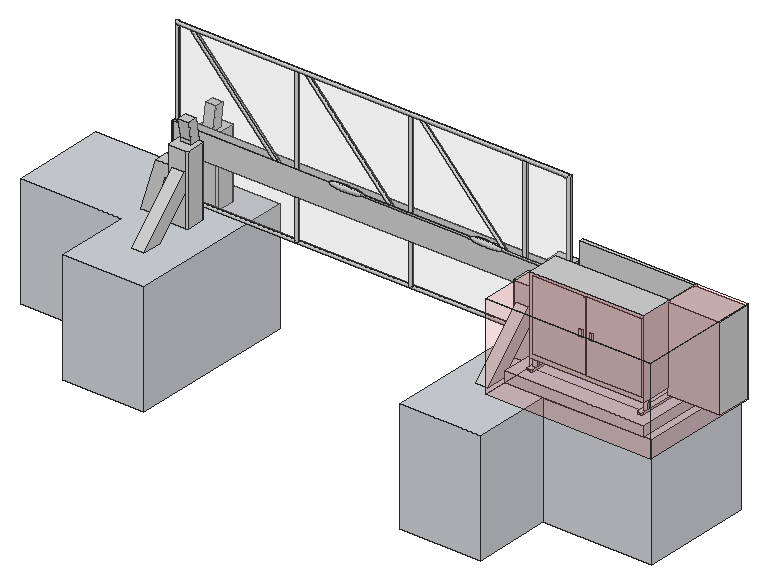
Revit family "Barrier_Gate-Assembly_AutoGate_Shield-M50-Gated", category Generic Models, Revit 2015
Parameters (values of type "as Specified")
  lightcontrol [instance] = Clear Opening Width / 2  # 8' - 0"
  gateclear [instance] = 1' - 6 13/16"  # constant formula
  addwidthB = 0' - 0"  # constant formula
  addwidthA = 0' - 0"  # constant formula
  Warranty Duration (Years) = 0
  Warning Light Color [instance] = none
  Unit Width [instance] = Clear Opening Width + 1' 8" + 1' 9"  # 19' - 5"
  Unit Height [instance] = 8' - 0"
  Unit Depth = 0' - 4"
  URL = "http://autogate.com/"
  Standards Conformance = "ASTM F2656 M50/P1  ;  DOS K12/L3"
  Specification = "http://www.arcat.com/sdspecs/htm04/32_31_00saf.htm"
  SpecWizard = ""
  Space Below Gate [instance] = 0' - 3"
  Show Default Concrete Foundation [instance] = yes
  Show Clearance Box for Operator Maintenance [instance] = yes
  Shield Arm Color [instance] = Metal - Aluminum - Finish as Specified
  Send Message = ""
  Sales Information = "http://autogate.com/about-us/contact/"
  Revision = "R1_2016-11"
  Product Properties = ""
  Product Data = "http://www.arcat.com/arcatcos/cos48/arc48891.html"
  Model = "The Shield M50 with Gate Design as Specified"
  Maximum Clear Opening [instance] = 15' - 0"  # constant formula
  Mass Interior Design Shape Visible [instance] = yes
  Manufacturer Website = "http://autogate.com/"
  Manufacturer Phone - Toll Free = "800-944-4283"
  Manufacturer Phone = "419-588-2796"
  Manufacturer Fax = "419-588-3514"
  Manufacturer Address = "7306 Driver Rd.  P. O. Box 50  Berlin Heights, OH 44814"
  Manufacturer = "AutoGate, Inc"
  Maintenance Schedule (Months) = 0
  Lift Travel Speed = "10 - 14 seconds"
  Keynote = "32 21 00"
  Installation-Fabrication = ""
  Installation Phase = ""
  Include Warning Lights [instance] = yes
  Has Battery Backup = no
  Hardware Finish [instance] = Metal - Aluminum - Finish as Specified
  Green Building-LEED = ""
  Frame Finish [instance] = Metal - Aluminum - Finish as Specified
  Expected Lifespan (Years) = 0
  Electrical_Voltage = 115 V
  Drawn By = "Sumex Design, Inc. / Robert S. Weygant, CSI, CDT, SCIP"
  Description = "AutoGate Anti-Ram M50 Vertical Pivot Gate - The Shield with Gate Design as Specified"
  Default Elevation = 0' - 0"
  Cover Finish [instance] = Metal - Aluminum - Finish as Specified
  Copyright = "©Arcat Inc."
  Construction Details = "http://www.arcat.com/details/autogate/autogate.html?coid=48891"
  Clearance Material [instance] = ARCAT Clearance
  Clear Opening Width [instance] = 16' - 0"
  Bottom Rail Height [instance] = 0' - 2"  # constant formula
  Barrier Open [instance] = not(Barrier Closed)  # no
  Barrier Interior Material [instance] = Metal - Linked Aluminum - Finish as Specified
  Barrier Design [instance] = Barrier_Gate_AutoGate_Chainlink : Size as Specified
  Barrier Closed [instance] = yes
  Available Options [instance] = "as Specified"
  Assembly Code = "E1030900"
Reference planes (in)
  plane 1 "Center (Front/Back)": y = 0
  plane 2 "Bottom": z = 0
  plane 3 "Center (Left/Right)": x = 0
  plane 4: x = -96
  plane 5: x = 96
  plane 6: z = 15
  plane 7: x = 114
  plane 8: z = 36
  plane 9: z = 228
  plane 10: z = 248
  plane 11: z = 131.5
Forms (in)
  Extrusion 1, solid, visible <- "Show Default Concrete Foundation"
    sketch origin (0, 0, 0) x (1, 0, 0) y (0, 1, 0)
      loop
        line (-186, 28) -> (-186, -28) -> (-126, -28) -> (-126, -72) -> (-78, -72) -> (-78, 28) -> (-186, 28)
      loop
        line (82.5, -84) -> (130.5, -84) -> (130.5, -38) -> (194.5, -38) -> (194.5, 28) -> (82.5, 28) -> (82.5, -84)
    from 0 to -66
  Extrusion 2, solid, visible <- "Show Default Concrete Foundation"
    sketch origin (0, 0, 0) x (1, 0, 0) y (0, 1, 0)
      loop
        line (108, 17) -> (108, -38) -> (190, -38) -> (190, 17) -> (108, 17)
    from 0 to 6
  Extrusion 3, solid, material "Metal - Aluminum - Finish as Specified" <- "Hardware Finish"
    sketch origin (0, 0, 0) x (1, 0, 0) y (0, 1, 0)
      loop
        arc (96, 6) -> (96.29289, 5.29289) -> (97, 5) r 1
        line (97, 5) -> (107, 5)
        arc (107, 5) -> (107.70711, 5.29289) -> (108, 6) r 1
        line (108, 6) -> (108, 16)
        arc (108, 16) -> (107.70711, 16.70711) -> (107, 17) r 1
        line (107, 17) -> (97, 17)
        arc (97, 17) -> (96.29289, 16.70711) -> (96, 16) r 1
        line (96, 16) -> (96, 6)
      loop
        line (96, -6) -> (96, -16)
        arc (96, -16) -> (96.29289, -16.70711) -> (97, -17) r 1
        line (97, -17) -> (107, -17)
        arc (107, -17) -> (107.70711, -16.70711) -> (108, -16) r 1
        line (108, -16) -> (108, -6)
        arc (108, -6) -> (107.70711, -5.29289) -> (107, -5) r 1
        line (107, -5) -> (97, -5)
        arc (97, -5) -> (96.29289, -5.29289) -> (96, -6) r 1
      loop
        line (-96, 6) -> (-96, 16)
        arc (-96, 16) -> (-96.29289, 16.70711) -> (-97, 17) r 1
        line (-97, 17) -> (-107, 17)
        arc (-107, 17) -> (-107.70711, 16.70711) -> (-108, 16) r 1
        line (-108, 16) -> (-108, 6)
        arc (-108, 6) -> (-107.70711, 5.29289) -> (-107, 5) r 1
        line (-107, 5) -> (-97, 5)
        arc (-97, 5) -> (-96.29289, 5.29289) -> (-96, 6) r 1
      loop
        arc (-96, -6) -> (-96.29289, -5.29289) -> (-97, -5) r 1
        line (-97, -5) -> (-107, -5)
        arc (-107, -5) -> (-107.70711, -5.29289) -> (-108, -6) r 1
        line (-108, -6) -> (-108, -16)
        arc (-108, -16) -> (-107.70711, -16.70711) -> (-107, -17) r 1
        line (-107, -17) -> (-97, -17)
        arc (-97, -17) -> (-96.29289, -16.70711) -> (-96, -16) r 1
        line (-96, -16) -> (-96, -6)
    from 0 to 40.75
  Extrusion 4, solid, material "Metal - Aluminum - Finish as Specified" <- "Hardware Finish"
    sketch origin (0, 0, 0) x (1, 0, 0) y (0, 0, 1)
      loop
        line (-116.1875, 29) -> (-125.10147, 0) -> (-116.41059, 0) -> (-110.89242, 21) -> (-108, 21) -> (-108, 29) -> (-116.1875, 29)
    from 15 to 7
  Extrusion 5, solid, material "Metal - Aluminum - Finish as Specified" <- "Hardware Finish"
    sketch origin (0, 0, 0) x (1, 0, 0) y (0, 0, 1)
      loop
        line (-108, 21) -> (-108, 29) -> (-116.1875, 29) -> (-125.10147, 0) -> (-116.41059, 0) -> (-110.89242, 21) -> (-108, 21)
    from -15 to -7
  Extrusion 6, solid, material "Metal - Aluminum - Finish as Specified" <- "Hardware Finish"
    sketch origin (96, -180, 63.31719) x (0, 0, 1) y (0, -1, 0)
      loop
        line (-33.56719, -163) -> (-63.31719, -133.25) -> (-63.31719, -144.56371) -> (-44.8809, -163) -> (-33.56719, -163)
    from 2 to 9
  Extrusion 7, solid, material "Metal - Aluminum - Finish as Specified" <- "Hardware Finish"
    sketch origin (-96, -180, 63.31719) x (0, 0, 1) y (0, -1, 0)
      loop
        line (-33.56719, -163) -> (-63.31719, -133.25) -> (-63.31719, -144.56371) -> (-44.8809, -163) -> (-33.56719, -163)
    from -9 to -2
  Extrusion 8, solid, material "Metal - Aluminum - Finish as Specified" <- "Shield Arm Color", visible <- "Barrier Closed"
    sketch origin (0, 0, 0) x (1, 0, 0) y (0, 0, 1)
      loop
        line (-116, 44) -> (-116, 29.5) -> (118, 29.5) -> (118, 44) -> (-116, 44)
    from 2.5574 to 2.77886
  Extrusion 9, solid, material "Metal - Aluminum - Finish as Specified" <- "Shield Arm Color", visible <- "Barrier Closed"
    sketch origin (0, 0, 0) x (1, 0, 0) y (0, 0, -1)
      loop
        line (-116, -44) -> (118, -44) -> (118, -29.5) -> (-116, -29.5) -> (-116, -44)
    from 2.5574 to 2.77886
  Extrusion 10, solid, material "Metal - Aluminum - Finish as Specified" <- "Shield Arm Color", visible <- "Barrier Open"
    sketch origin (127.5, 0, 141.5) x (0, 0, -1) y (1, 0, 0)
      loop
        line (-106.75, 27.5) -> (-106.75, 13) -> (105.5, 13) -> (105.5, 27.5) -> (-106.75, 27.5)
    from 2.5574 to 2.77886
  Extrusion 11, solid, material "Metal - Aluminum - Finish as Specified" <- "Shield Arm Color", visible <- "Barrier Open"
    sketch origin (127.5, 0, 141.5) x (0, 0, -1) y (-1, 0, 0)
      loop
        line (-106.75, -27.5) -> (105.5, -27.5) -> (105.5, -13) -> (-106.75, -13) -> (-106.75, -27.5)
    from 2.5574 to 2.77886
  Extrusion 12, solid, material "Metal - Aluminum - Finish as Specified" <- "Hardware Finish"
    sketch origin (0, 0, 0) x (1, 0, 0) y (0, 0, -1)
      loop
        line (108, -39.25) -> (134.47446, 0) -> (127.23715, 0) -> (108, -28.52025) -> (108, -39.25)
    from 16 to 13
  Extrusion 13, solid, material "Metal - Aluminum - Finish as Specified" <- "Shield Arm Color", visible <- "Barrier Closed"
    sketch origin (0, 0, 0) x (1, 0, 0) y (0, 0, 1)
      loop
        line (-117, 44) -> (-117, 29.5) -> (-116, 29.5) -> (-116, 44) -> (-117, 44)
    from -2.77886 to 2.77886
  Extrusion 14, solid, material "Metal - Aluminum - Finish as Specified" <- "Shield Arm Color", visible <- "Barrier Open"
    sketch origin (0, 0, 0) x (1, 0, 0) y (0, 0, 1)
      loop
        line (140.5, 248.25) -> (155, 248.25) -> (155, 249.25) -> (140.5, 249.25) -> (140.5, 248.25)
    from -2.77886 to 2.77886
  Extrusion 15, solid, material "Metal - Aluminum - Finish as Specified" <- "Hardware Finish"
    sketch origin (-96, -180, 63.31719) x (0, 0, 1) y (0, -1, 0)
      loop
        line (-22.56719, -175) -> (-9.81719, -172.75183) -> (-9.81719, -167.19265) -> (-20.06719, -169) -> (-22.56719, -169) -> (-22.56719, -175)
      loop
        line (-22.56719, -185) -> (-22.56719, -191) -> (-20.06719, -191) -> (-9.81719, -192.80735) -> (-9.81719, -187.24817) -> (-22.56719, -185)
    from -9 to -3
  Extrusion 16, solid, material "Metal - Aluminum - Finish as Specified" <- "Shield Arm Color"
    sketch origin (0, 0, 0) x (1, 0, 0) y (0, 0, 1)
      loop
        circle (-111.17371, 36) r 1.25
      loop
        circle (109.55866, 36) r 1.25
    from 7.5 to -7.5
Lines and regions (in)
  reference lines
    curve 1: line (114, 0, 15) -> (114, 0, 24.25)
Dimensions and locks (in)
  equal spacing: plane 5, plane 3 "Center (Left/Right)", plane 4
  "Clear Opening Width": plane 5 to plane 4
  locked: Extrusion 1 sketch curve to Extrusion 1 sketch curve at 108
  locked: Extrusion 1 sketch curve to plane 4 at 90
  locked: plane 5 to Extrusion 3 sketch curve at 12  (x2)
  Extrusion 3 sketch curve to Extrusion 3 sketch curve to plane 1 "Center (Front/Back)" to Extrusion 3 sketch curve to Extrusion 3 sketch curve = 1' - 0" locked, 0' - 5" locked, 0' - 5" locked, 1' - 0" locked  (x2)
  locked: Extrusion 3 sketch curve to plane 4 at 12  (x2)
  plane 7 to plane 5 = 1' - 6"
  locked: plane 6 to level at 15
  locked: plane 8 to plane 6 at 21
  "Clear Opening Width": plane 9 to plane 8
  Extrusion 1 sketch curve to Extrusion 1 sketch curve to plane 1 "Center (Front/Back)" to Extrusion 1 sketch curve = 3' - 8" locked, 2' - 4" locked, 2' - 4" locked
  Extrusion 1 sketch curve to Extrusion 1 sketch curve to plane 1 "Center (Front/Back)" to Extrusion 1 sketch curve = 3' - 10" locked, 3' - 2" locked, 2' - 4" locked
  Extrusion 1 sketch curve to plane 5 to Extrusion 1 sketch curve to Extrusion 1 sketch curve = 1' - 1 1/2" locked, 2' - 10 1/2" locked, 5' - 4" locked
  locked: Extrusion 1 sketch curve to plane 4 at 30
  plane 4 to Extrusion 5 sketch curve to Extrusion 5 sketch curve to Extrusion 5 sketch curve to Extrusion 5 sketch curve to Extrusion 5 sketch curve = 1' - 0" locked, 0' - 2.89242" locked, 0' - 5.29508" locked, 0' - 0.22309" locked, 0' - 8.69088" locked
  plane 4 to Extrusion 4 sketch curve to Extrusion 4 sketch curve to Extrusion 4 sketch curve to Extrusion 4 sketch curve to Extrusion 4 sketch curve = 1' - 0" locked, 0' - 2.89242" locked, 0' - 5.29508" locked, 0' - 0.22309" locked, 0' - 8.69088" locked
  plane 5 to Extrusion 2 sketch curve to Extrusion 2 sketch curve = 1' - 0" locked, 6' - 10" locked
  locked: plane 4 to Extrusion 8 sketch curve at 20
  locked: plane 4 to Extrusion 9 sketch curve at 20
  locked: Extrusion 8 sketch curve to plane 5 at 22
  locked: Extrusion 9 sketch curve to plane 5 at 22
  Extrusion 12 sketch curve to Extrusion 12 sketch curve to plane 2 "Bottom" = 0' - 10.72975" locked, 2' - 4.52025" locked
  Extrusion 12 sketch curve to Extrusion 12 sketch curve to Extrusion 12 sketch curve to plane 5 = 0' - 7.23731" locked, 1' - 7.23715" locked, 1' - 0" locked
  Extrusion 8 sketch curve to level = 2' - 5 1/2"
  locked: Extrusion 8 sketch curve to Extrusion 8 sketch curve at 14.5
  Extrusion 9 sketch curve to Extrusion 9 sketch curve to level = 1' - 2 1/2" locked, 2' - 5 1/2" locked
  Extrusion 7 sketch curve to Extrusion 7 sketch curve to plane 2 "Bottom" = 0' - 11.31371" locked, 1' - 6.43629" locked
  Extrusion 7 sketch curve to Extrusion 7 sketch curve to Extrusion 7 sketch curve to plane 1 "Center (Front/Back)" = 0' - 11.31371" locked, 1' - 6.43629" locked, 1' - 5" locked
  Extrusion 6 sketch curve to Extrusion 6 sketch curve to Extrusion 6 sketch curve to plane 1 "Center (Front/Back)" = 0' - 11.31371" locked, 1' - 6.43629" locked, 1' - 5" locked
  Extrusion 6 sketch curve to Extrusion 6 sketch curve to plane 2 "Bottom" = 0' - 11.31371" locked, 1' - 6.43629" locked
  locked: Extrusion 10 sketch curve to plane 9 at 20.25
  locked: Extrusion 11 sketch curve to plane 9 at 20.25
  plane 4 to Extrusion 13 sketch curve to Extrusion 13 sketch curve = 1' - 8" locked, 0' - 1" locked
  Extrusion 13 sketch curve to Extrusion 13 sketch curve to plane 2 "Bottom" = 1' - 2 1/2" locked, 2' - 5 1/2" locked
  Extrusion 14 sketch curve to Extrusion 14 sketch curve to nested 3 = 1' - 2 1/2" locked, 2' - 4 1/2" locked
  Extrusion 14 sketch curve to Extrusion 14 sketch curve to plane 9 = 0' - 1" locked, 1' - 8 1/4" locked
  Extrusion 10 sketch curve to Extrusion 10 sketch curve to plane 5 = 1' - 2 1/2" locked, 3' - 8 1/2" locked
  Extrusion 11 sketch curve to Extrusion 11 sketch curve to plane 5 = 1' - 2 1/2" locked, 3' - 8 1/2" locked
  locked: nested 3 to plane 5 at 16
  equal spacing: plane 10, plane 11, plane 6
  "Unit Width": plane 10 to plane 6
  aligned and locked: plane 5 to Extrusion 3 sketch curve
  aligned and locked: Extrusion 3 sketch curve to plane 5
  aligned and locked: plane 7 to curve 1
  aligned and locked: plane 6 to curve 1
  aligned and locked: plane 8 to Extrusion 10 sketch curve
  aligned and locked: Extrusion 11 sketch curve to plane 8
  aligned and locked: plane 5 to nested 1
  aligned and locked: plane 3 "Center (Left/Right)" to nested 2
  aligned and locked: nested 3 to plane 11
Automatic sketch dimensions
  curve 1 to curve 1 = 0' - 9 1/4"
  Extrusion 4 sketch curve to level = 0' - 0"
  plane 6 to Extrusion 4 sketch curve = 0' - 6"
  Extrusion 4 sketch curve to Extrusion 4 sketch curve = 0' - 8"
  Extrusion 5 sketch curve to level = 0' - 0"
  plane 6 to Extrusion 5 sketch curve = 0' - 6"
  Extrusion 5 sketch curve to Extrusion 5 sketch curve = 0' - 8"
  Extrusion 3 sketch curve to plane 4 = 0' - 0"  (x2)
  Extrusion 3 sketch curve to Extrusion 3 sketch curve = 0' - 1"  (x12)
  Extrusion 3 sketch curve to plane 4 = 0' - 1"  (x3)
  plane 5 to Extrusion 3 sketch curve = 0' - 1"
  plane 1 "Center (Front/Back)" to Extrusion 2 sketch curve = 3' - 2"
  Extrusion 2 sketch curve to plane 1 "Center (Front/Back)" = 1' - 5"
  Extrusion 12 sketch curve to level = 0' - 0"
  Extrusion 7 sketch curve to level = 0' - 0"
  Extrusion 6 sketch curve to level = 0' - 0"
  Extrusion 16 sketch curve to plane 8 = 0' - 0"  (x2)
  Extrusion 16 sketch curve to plane 4 = 1' - 3.17371"
  Extrusion 16 sketch curve to plane 7 = 0' - 4.44134"
  plane 8 to Extrusion 15 sketch curve = 0' - 4 3/4"  (x2)
  Extrusion 15 sketch curve to Extrusion 15 sketch curve = 0' - 2 1/2"  (x2)
  Extrusion 15 sketch curve to Extrusion 15 sketch curve = 0' - 10 1/4"  (x2)
  Extrusion 15 sketch curve to plane 1 "Center (Front/Back)" = 1' - 0.80735"
  Extrusion 15 sketch curve to Extrusion 15 sketch curve = 0' - 1.80735"  (x2)
  Extrusion 15 sketch curve to Extrusion 15 sketch curve = 0' - 6"  (x2)
  Extrusion 15 sketch curve to Extrusion 15 sketch curve = 0' - 5.55918"  (x2)
  plane 1 "Center (Front/Back)" to Extrusion 15 sketch curve = 0' - 5"
  radius of Extrusion 16 sketch curve = 0' - 1 1/4"  (x2)
Nested families (in)
  nested 1: "Barrier_Gate-Operator_AutoGate_Pivot" at (180.8125, 0, 6), Clearance Box Material <- "Clearance Material", Frame Finish <- "Cover Finish", Space Below Gate <- "Space Below Gate", Clearance Box for Maintenance <- "Show Clearance Box for Operator Maintenance", Closed <- "Barrier Closed", Open <- "Barrier Open", Clear Location <- "gateclear", Gate Height <- "Unit Height", Unit Width <- "Unit Width", lightcontrol <- "lightcontrol", Warning Light Color <- "Warning Light Color", Warning Light <- "Include Warning Lights", type "as Specified"
    with warningopen no, warningclosed yes, lightcontrol 8' - 0", Warning Light Color none, Warning Light yes, Unit Width 19' - 5", Space Below Gate 0' - 3", Open no, Guard Depth 2' - 6 5/8", Gate Height 8' - 0", Frame Finish Metal - Aluminum - Finish as Specified, Closed yes, Clearance Box for Maintenance yes, Clearance Box Material ARCAT Clearance, Clear Location 1' - 6 13/16", ArmOnly no
  nested 2: "Barrier_Gate_AutoGate_Chainlink" at (0, 0, 0), Interior Finish <- "Barrier Interior Material", Frame Finish <- "Frame Finish", Unit Width <- "Unit Width", Unit Height <- "Unit Height", Mass Interior Design Shape Visible <- "Mass Interior Design Shape Visible", type <- "Barrier Design", visible <- "Barrier Closed", Additional Barrier Width_Operator Side <- "addwidthA", Additional Barrier Width_Non Operator Side <- "addwidthB", type "Size as Specified"
    with designwidths 5' - 7.33333", designheights 7' - 10 1/2", Unit Width 19' - 5", Unit Height 8' - 0", Space Below Gate 0' - 3", Mass Interior Design Shape Visible yes, Interior Finish Metal - Linked Aluminum - Finish as Specified, Frame Finish Metal - Aluminum - Finish as Specified, Bottom Rail Height 0' - 2", Adjust Diagonal UpDown 2' - 2", Adjust Diagonal Left Right 0' - 1", Additional Barrier Width_Operator Side 0' - 0", Additional Barrier Width_Non Operator Side 0' - 0"
  nested 3: "Barrier_Gate_AutoGate_Chainlink" at (112, 0, 131.5) x (0, 0, -1) z (1, 0, 0), Interior Finish <- "Barrier Interior Material", Frame Finish <- "Frame Finish", Unit Width <- "Unit Width", Unit Height <- "Unit Height", Mass Interior Design Shape Visible <- "Mass Interior Design Shape Visible", type <- "Barrier Design", visible <- "Barrier Open", Additional Barrier Width_Operator Side <- "addwidthA", Additional Barrier Width_Non Operator Side <- "addwidthB", type "Size as Specified"
    with designwidths 5' - 7.33333", designheights 7' - 10 1/2", Unit Width 19' - 5", Unit Height 8' - 0", Space Below Gate 0' - 3", Mass Interior Design Shape Visible yes, Interior Finish Metal - Linked Aluminum - Finish as Specified, Frame Finish Metal - Aluminum - Finish as Specified, Bottom Rail Height 0' - 2", Adjust Diagonal UpDown 2' - 2", Adjust Diagonal Left Right 0' - 1", Additional Barrier Width_Operator Side 0' - 0", Additional Barrier Width_Non Operator Side 0' - 0"
Connectors (in)
  electrical at (183.51817, 10, 31.5), driven by "Electrical_Voltage"
    settings: on nested 1, index 1, voltage 115 V, apparent load 0 VA, apparent load phase1 0 VA, apparent load phase2 0 VA, apparent load phase3 0 VA, power factor 1, load classification "Other", number of poles 1, system type 31, power factor state 1, is connector primary yes, connector utility no, sub classification motor no, connector description ""
Definition of nested family "Barrier_Gate-Operator_AutoGate_Pivot"
  Parameters
    warningopen [instance] = and(Warning Light, Open)  # yes
    warningclosed [instance] = and(Warning Light, Closed)  # yes
    lightcontrol [instance] = 1' - 0.85416"
    Warranty Duration (Years) = 0
    Warning Light Color [instance] = none
    Warning Light [instance] = yes
    Unit Width [instance] = 11' - 0"
    Unit Depth = 2' - 4"
    URL = ""
    Specification = ""
    SpecWizard = ""
    Space Below Gate [instance] = 0' - 3"
    Send Message = ""
    Sales Information = ""
    Revision = "R1_2016-11"
    Product Properties = ""
    Product Data = ""
    Open [instance] = yes
    Model = "As Specified"
    Manufacturer Website = ""
    Manufacturer Phone - Toll Free = ""
    Manufacturer Phone = ""
    Manufacturer Fax = ""
    Manufacturer Address = ""
    Manufacturer = ""
    Maintenance Schedule (Months) = 0
    Keynote = ""
    Installation-Fabrication = ""
    Installation Phase = ""
    Guard Depth [instance] = if(ArmOnly, 0' 3 1/2", if(Gate Height < 6' 0", 0' 2 1/2", if(Gate Height < 7' 0", 0' 5 1/2", if(Gate Height < 8' 0", 1' 6 5/8", if(Gate Height < 9' 0", 2' 6 5/8", if(Gate Height < 10' 0", 3' 6 5/8", 0' 3 1/2"))))))  # 0' - 3 1/2"
    Green Building-LEED = ""
    Gate Height [instance] = 4' - 2"
    Frame Finish [instance] = none
    Expected Lifespan (Years) = 0
    Drawn By = "Sumex Design, Inc. / Robert S. Weygant, CSI, CDT, SCIP"
    Description = ""
    Default Elevation = 0' - 0"
    Copyright = "©Arcat Inc."
    Construction Details = ""
    Closed [instance] = yes
    Clearance Box for Maintenance [instance] = yes
    Clearance Box Material [instance] = none
    Clear Location [instance] = 1' - 0"
    Assembly Code = ""
    ArmOnly [instance] = yes
  Reference planes (in)
    plane 1 "Center (Front/Back)": y = 0
    plane 2 "Bottom": z = 0
    plane 3 "Center (Left/Right)": x = 0
    plane 4: x = -78
    plane 5: x = -66
    plane 6: x = -198
    plane 7: z = 7
    plane 8: x = 1
    plane 9: z = 139
  Forms (in)
    Extrusion 1, solid, material <- "Frame Finish"
      sketch origin (0, 0, 0) x (1, 0, 0) y (0, 0, 1)
        loop
          line (-66, 5.0625) -> (1, 5.0625) -> (1, 50.6875) -> (-66, 50.6875) -> (-66, 5.0625)
      from 8.75 to 28.25
    Extrusion 2, solid, material <- "Frame Finish"
      sketch origin (0, 0, 0) x (1, 0, 0) y (0, 0, -1)
        loop
          line (-66, -5.0625) -> (-66, -50.6875) -> (1, -50.6875) -> (1, -5.0625) -> (-66, -5.0625)
      from 8.8125 to 10.8125
    Extrusion 3, solid, material <- "Frame Finish"
      sketch origin (0, 0, 0) x (1, 0, 0) y (0, 0, 1)
        loop
          line (4.5, 50) -> (1, 50) -> (1, 1) -> (4.5, 1) -> (4.5, 50)
      from -10 to 10
    Extrusion 4, solid, material <- "Frame Finish"
      sketch origin (0, 0, 0) x (1, 0, 0) y (0, 0, 1)
        loop
          line (-66, 5.0625) -> (1, 5.0625) -> (1, 7) -> (-66, 7) -> (-66, 5.0625)
      from -10 to 10
    Extrusion 5, solid, material <- "Frame Finish"
      sketch origin (0, -28.25, 0) x (1, 0, 0) y (0, 0, 1)
        loop
          line (-64, 7.8125) -> (-33, 7.8125) -> (-33, 49.1875) -> (-64, 49.1875) -> (-64, 7.8125)
        loop
          line (-32, 7.8125) -> (0.5, 7.8125) -> (0.5, 49.1875) -> (-32, 49.1875) -> (-32, 7.8125)
      from 0.28125 to 0
    Extrusion 6, solid, material <- "Frame Finish"
      sketch origin (0, -28.53125, 0) x (1, 0, 0) y (0, 0, 1)
        loop
          line (-36.49692, 31.23717) -> (-36.49692, 27.48717) -> (-34.74692, 27.48717) -> (-34.74692, 31.23717) -> (-36.49692, 31.23717)
        loop
          line (-30.49692, 31.23717) -> (-30.49692, 27.48717) -> (-28.74692, 27.48717) -> (-28.74692, 31.23717) -> (-30.49692, 31.23717)
      from 0.25 to 0
    Extrusion 7, solid, material <- "Clearance Box Material", visible <- "Clearance Box for Maintenance"
      sketch origin (0, 0, 0) x (1, 0, 0) y (0, 1, 0)
        loop
          line (-66, -28.25) -> (-66, -60.75) -> (4.5, -60.75) -> (4.5, 10.8125) -> (1, 10.8125) -> (1, -28.25) -> (-66, -28.25)
      from 0 to 50.6875
    Extrusion 8, solid, material <- "Frame Finish"
      sketch origin (0, 0, 0) x (1, 0, 0) y (0, 1, 0)
        loop
          line (-65.25, -31) -> (-63.25, -31) -> (-62.5, -30.25) -> (-62.5, 11.5) -> (-66, 11.5) -> (-66, -30.25) -> (-65.25, -31)
        loop
          line (-0.25, -31) -> (1.75, -31) -> (2.5, -30.25) -> (2.5, 11.5) -> (-1, 11.5) -> (-1, -30.25) -> (-0.25, -31)
      from 0 to 0.75
    Extrusion 9, solid, material <- "Frame Finish"
      sketch origin (0, 0, 0) x (1, 0, 0) y (0, 1, 0)
        loop
          circle (-64.26725, -25.91368) r 1.25
        loop
          circle (-64.26725, 8.33632) r 1.25
        loop
          circle (0.73275, -25.91368) r 1.25
        loop
          circle (0.73275, 8.33632) r 1.25
      from 0.75 to 5.0625
    Revolve 10, solid, material <- "Frame Finish", visible <- "warningclosed"
      sketch origin (0.17287, -4, -0.0613) x (1, 0, 0) y (0, 0, 1)
        loop
          line (-66, 39) -> (-66, 39.5) -> (-102.1875, 39.5)
          spline (-102.1875, 39.5) -> (-102.49417, 39.75882) -> (-103.39327, 40) -> (-104.82354, 40.20711) -> (-106.6875, 40.36603) -> (-108.85813, 40.46593) -> (-111.1875, 40.5) -> (-113.51687, 40.46593) -> (-115.6875, 40.36603) -> (-117.55146, 40.20711) -> (-118.98173, 40) -> (-119.88083, 39.75882) -> (-120.1875, 39.5)
          line (-120.1875, 39.5) -> (-167.31871, 39.5)
          spline (-167.31871, 39.5) -> (-167.62538, 39.75882) -> (-168.52448, 40) -> (-169.95475, 40.20711) -> (-171.81871, 40.36603) -> (-173.98934, 40.46593) -> (-176.31871, 40.5) -> (-178.64808, 40.46593) -> (-180.81871, 40.36603) -> (-182.68267, 40.20711) -> (-184.11294, 40) -> (-185.01205, 39.75882) -> (-185.31871, 39.5)
          line (-185.31871, 39.5) -> (-185.31871, 39) -> (-66, 39)
        axis (-66, 39) -> (-185.31871, 39)
      angle from 0 to 360
    Revolve 11, solid, material <- "Frame Finish", visible <- "warningopen"
      sketch origin (-81.63408, -4, -31.75) x (0, 0, -1) y (1, 0, 0)
        loop
          line (-38.75, 48.80695) -> (-38.75, 49.30695) -> (-74.75, 49.30695)
          spline (-74.75, 49.30695) -> (-75.05667, 49.56577) -> (-75.95577, 49.80695) -> (-77.38604, 50.01405) -> (-79.25, 50.17297) -> (-81.42063, 50.27287) -> (-83.75, 50.30695) -> (-86.07937, 50.27287) -> (-88.25, 50.17297) -> (-90.11396, 50.01405) -> (-91.54423, 49.80695) -> (-92.44333, 49.56577) -> (-92.75, 49.30695)
          line (-92.75, 49.30695) -> (-139.89584, 49.30695)
          spline (-139.89584, 49.30695) -> (-140.20251, 49.56577) -> (-141.10161, 49.80695) -> (-142.53188, 50.01405) -> (-144.39584, 50.17297) -> (-146.56647, 50.27287) -> (-148.89584, 50.30695) -> (-151.22521, 50.27287) -> (-153.39584, 50.17297) -> (-155.2598, 50.01405) -> (-156.69007, 49.80695) -> (-157.58917, 49.56577) -> (-157.89584, 49.30695)
          line (-157.89584, 49.30695) -> (-157.89584, 48.80695) -> (-38.75, 48.80695)
        axis (-38.75, 48.80695) -> (-157.89584, 48.80695)
      angle from 0 to 360
  Cuts and joins
    joined: Extrusion 1, Extrusion 2, Extrusion 4
  Dimensions and locks (in)
    locked: plane 3 "Center (Left/Right)" to plane 5 at 66
    "Clear Location": plane 4 to plane 5
    "Unit Width": plane 6 to plane 5
    locked: plane 7 to level at 7
    locked: plane 8 to plane 3 "Center (Left/Right)" at 1
    "Unit Width": plane 9 to plane 7
    locked: Revolve 10 sketch curve to Revolve 10 sketch curve at 18  (x2)
    locked: Revolve 11 sketch curve to Revolve 11 sketch curve at 18  (x2)
    locked: Revolve 10 sketch curve to plane 5 at 36.01463
    "lightcontrol": Revolve 10 sketch curve to plane 6
    locked: Revolve 11 sketch curve to plane 7 at 36
    "lightcontrol": plane 9 to Revolve 11 sketch curve
    "Guard Depth": plane 8 to Extrusion 3 sketch curve
    "Guard Depth": plane 8 to Extrusion 7 sketch curve
  Automatic sketch dimensions
    plane 3 "Center (Left/Right)" to Extrusion 3 sketch curve = 0' - 1"
    level to Extrusion 3 sketch curve = 0' - 1"
    Extrusion 6 sketch curve to Extrusion 5 = 2' - 3.50308"
    Extrusion 6 sketch curve to Extrusion 6 sketch curve = 0' - 1 3/4"  (x2)
    Extrusion 6 sketch curve to Extrusion 5 = 0' - 1.50308"
    Extrusion 6 sketch curve to Extrusion 5 = 1' - 9.70033"  (x2)
    Extrusion 6 sketch curve to Extrusion 6 sketch curve = 0' - 3 3/4"  (x2)
    level to Extrusion 2 sketch curve = 0' - 5 1/16"
    Extrusion 2 sketch curve to plane 3 "Center (Left/Right)" = 5' - 6"
    plane 3 "Center (Left/Right)" to Extrusion 2 sketch curve = 0' - 1"
    Extrusion 5 sketch curve to Extrusion 1 = 0' - 2"
    Extrusion 5 sketch curve to Extrusion 1 = 0' - 2 3/4"
    Extrusion 5 sketch curve to Extrusion 5 sketch curve = 2' - 7"
    Extrusion 5 sketch curve to Extrusion 5 sketch curve = 0' - 1"
    Extrusion 5 sketch curve to Extrusion 1 = 0' - 0 1/2"
    Extrusion 5 sketch curve to Extrusion 5 sketch curve = 0' - 0"  (x2)
    Extrusion 5 sketch curve to Extrusion 1 = 0' - 1 1/2"
    Extrusion 7 sketch curve to plane 3 "Center (Left/Right)" = 5' - 6"
    plane 3 "Center (Left/Right)" to Extrusion 7 sketch curve = 0' - 1"
    plane 1 "Center (Front/Back)" to Extrusion 7 sketch curve = 5' - 0 3/4"
    plane 1 "Center (Front/Back)" to Extrusion 7 sketch curve = 2' - 4 1/4"
    Extrusion 7 sketch curve to plane 1 "Center (Front/Back)" = 0' - 10 13/16"
    Extrusion 8 sketch curve to plane 1 "Center (Front/Back)" = 0' - 11 1/2"  (x2)
    Extrusion 8 sketch curve to plane 3 "Center (Left/Right)" = 5' - 6"
    plane 1 "Center (Front/Back)" to Extrusion 8 sketch curve = 2' - 7"  (x2)
    Extrusion 8 sketch curve to Extrusion 8 sketch curve = 0' - 0 3/4"  (x5)
    Extrusion 8 sketch curve to Extrusion 8 sketch curve = 0' - 2"
    Extrusion 8 sketch curve to Extrusion 8 sketch curve = 0' - 3 1/2"
    Extrusion 8 sketch curve to plane 3 "Center (Left/Right)" = 0' - 1"
    Extrusion 8 sketch curve to plane 3 "Center (Left/Right)" = 0' - 0 1/4"
    plane 3 "Center (Left/Right)" to Extrusion 8 sketch curve = 0' - 1 3/4"
    plane 3 "Center (Left/Right)" to Extrusion 8 sketch curve = 0' - 2 1/2"
    Extrusion 1 sketch curve to plane 3 "Center (Left/Right)" = 5' - 6"
    plane 3 "Center (Left/Right)" to Extrusion 1 sketch curve = 0' - 1"
    Extrusion 1 sketch curve to Extrusion 1 sketch curve = 3' - 9 5/8"
    Extrusion 4 sketch curve to plane 3 "Center (Left/Right)" = 5' - 6"
    plane 3 "Center (Left/Right)" to Extrusion 4 sketch curve = 0' - 1"
    Extrusion 4 sketch curve to Extrusion 4 sketch curve = 0' - 1 15/16"
    Extrusion 9 sketch curve to plane 1 "Center (Front/Back)" = 0' - 8.33632"  (x2)
    Extrusion 9 sketch curve to plane 3 "Center (Left/Right)" = 5' - 4.26725"
    Extrusion 9 sketch curve to Extrusion 9 sketch curve = 0' - 0"
    plane 3 "Center (Left/Right)" to Extrusion 9 sketch curve = 0' - 0.73275"  (x2)
    plane 1 "Center (Front/Back)" to Extrusion 9 sketch curve = 2' - 1.91368"  (x2)
    level to Extrusion 1 sketch curve = 0' - 5 1/16"
    Extrusion 2 sketch curve to Extrusion 2 sketch curve = 3' - 9 5/8"
    Extrusion 3 sketch curve to Extrusion 3 sketch curve = 4' - 1"
    level to Extrusion 4 sketch curve = 0' - 5 1/16"
    Revolve 10 sketch curve to plane 5 = 0' - 0.17287"
    plane 7 to Revolve 10 sketch curve = 2' - 7.9387"  (x2)
    plane 7 to Revolve 10 sketch curve = 2' - 8.4387"
    Revolve 10 sketch curve to plane 6 = 4' - 10.14584"
    Revolve 10 sketch curve to Revolve 10 sketch curve = 0' - 0"
    Revolve 11 sketch curve to plane 7 = 0' - 0"  (x2)
    Revolve 11 sketch curve to plane 3 "Center (Left/Right)" = 2' - 8.82713"
    Revolve 11 sketch curve to plane 3 "Center (Left/Right)" = 2' - 8.32713"
    Revolve 11 sketch curve to Revolve 11 sketch curve = 0' - 3"
    Revolve 11 sketch curve to Revolve 11 sketch curve = 0' - 0"
    radius of Extrusion 9 sketch curve = 0' - 1 1/4"  (x4)
Definition of nested family "Barrier_Gate_AutoGate_Chainlink"
  Parameters
    designwidths [instance] = (Unit Width + Additional Barrier Width_Operator Side - 0' 4" - 2' 3") / (Number of Inner Design Repeats)  # 4' - 6.66667"
    designheights [instance] = Unit Height - 0' 1 1/2"  # 4' - 10 1/2"
    Warranty Duration (Years) = 0
    Unit Width [instance] = 16' - 0"
    Unit Height [instance] = 5' - 0"
    URL = "http://autogate.com/"
    Specification = "http://www.arcat.com/sdspecs/htm04/32_31_00saf.htm"
    SpecWizard = ""
    Space Below Gate [instance] = 0' - 3"
    Send Message = ""
    Sales Information = "http://autogate.com/about-us/contact/"
    Revision = "R1_2016-11"
    Product Properties = ""
    Product Data = "http://www.arcat.com/arcatcos/cos48/arc48891.html"
    Number of Inner Design Repeats = 3
    Model = "Chain Link"
    Maximum Size = "as Specified"
    Mass Interior Design Shape Visible [instance] = yes
    Manufacturer Website = "http://autogate.com/"
    Manufacturer Phone - Toll Free = "800-944-4283"
    Manufacturer Phone = "419-588-2796"
    Manufacturer Fax = "419-588-3514"
    Manufacturer Address = "7306 Driver Rd.  P. O. Box 50  Berlin Heights, OH 44814"
    Manufacturer = "AutoGate, Inc"
    Maintenance Schedule (Months) = 0
    Keynote = ""
    Interior Finish [instance] = none
    Installation-Fabrication = ""
    Installation Phase = ""
    Green Building-LEED = ""
    Frame Finish [instance] = none
    Expected Lifespan (Years) = 0
    Drawn By = "Sumex Design, Inc. / Robert S. Weygant, CSI, CDT, SCIP"
    Description = "AutoGate Chain Link Gate as Specified"
    Default Elevation = 0' - 0"
    Copyright = "©Arcat Inc."
    Construction Details = "http://www.arcat.com/details/autogate/autogate.html?coid=48891"
    Decorative Channel Height = 0' - 0"  # constant formula
    Bottom Rail Height [instance] = 0' - 2"  # constant formula
    Assembly Code = ""
    Adjust Diagonal UpDown [instance] = 0' - 0"
    Adjust Diagonal Left Right [instance] = 0' - 6"
    Additional Barrier Width_Operator Side [instance] = 0' - 3"
    Additional Barrier Width_Non Operator Side [instance] = 0' - 0 1/4"
  Reference planes (in)
    plane 1 "Center (Front/Back)": y = 0
    plane 2 "Bottom": z = 0
    plane 3 "Center (Left/Right)": x = 0
    plane 4 "Front": y = -1
    plane 5 "Back": y = 1
    plane 6 "Left": x = -96
    plane 7 "Right": x = 96
    plane 8 "Top": z = 60
    plane 9: z = 3
    plane 10: z = 5
    plane 11: x = 99
    plane 12: x = -96.25
    plane 13: z = 4
    plane 14: z = 60
    plane 15: x = -95
    plane 16: x = 98
  Forms (in)
    Extrusion 1, solid
      sketch origin (-96, 16.34522, 48) x (0, 1, 0) y (0, 0, 1)
        loop
          line (-17.34522, -45) -> (-15.34522, -45) -> (-15.34522, -41) -> (-17.34522, -41) -> (-17.34522, -45)
      from 0 to -0.25
    Extrusion 2, solid, material <- "Interior Finish", visible <- "Mass Interior Design Shape Visible"
      sketch origin (0, 0, 0) x (1, 0, 0) y (0, 0, 1)
        loop
          line (-94, 58) -> (-94, 5) -> (97, 5) -> (97, 58) -> (-94, 58)
      from -0.125 to 0.125
    Sweep 3, solid, material <- "Frame Finish"
      path origin (0, 0, 0) x (1, 0, 0) y (0, 0, 1)
        loop
          line (-96, 60) -> (-96, 3) -> (99, 3) -> (99, 60) -> (-96, 60)
      profile origin (1.5, 0, 60) x (0, 0, 1) y (0, -1, 0)
        loop
          circle (-1, 0) r 1
  Dimensions and locks (in)
    equal spacing: plane 6 "Left", plane 3 "Center (Left/Right)", plane 7 "Right"
    "Unit Width": plane 6 "Left" to plane 7 "Right"
    equal spacing: plane 5 "Back", plane 1 "Center (Front/Back)", plane 4 "Front"
    "Bottom Rail Height": plane 5 "Back" to plane 4 "Front"
    "Unit Height": plane 8 "Top" to level
    "Space Below Gate": plane 9 to level
    "Bottom Rail Height": plane 10 to plane 9
    "Additional Barrier Width_Non Operator Side": plane 6 "Left" to plane 12
    "Additional Barrier Width_Operator Side": plane 11 to plane 7 "Right"
    "Bottom Rail Height": Extrusion 1 sketch curve to plane 10
    Extrusion 1 sketch curve to plane 1 "Center (Front/Back)" to Extrusion 1 sketch curve = 0' - 1" locked, 0' - 1" locked
    equal spacing: plane 10, plane 13, plane 9
    "Decorative Channel Height": plane 8 "Top" to plane 14
    locked: plane 11 to Extrusion 2 sketch curve at 2
    locked: plane 14 to Extrusion 2 sketch curve at 2
    locked: Extrusion 2 sketch curve to plane 6 "Left" at 2
    locked: plane 11 to plane 16 at 1
    locked: plane 15 to plane 6 "Left" at 1
    locked: plane 14 to Sweep 3 sketch curve at 1
    locked: plane 11 to nested 1 at 27
    equal spacing: group 3, group 2, group 1
    equal spacing: group 1, group 2, group 3  (x2)
    "designwidths": nested 2 to nested 1
    aligned and locked: Extrusion 2 sketch curve to plane 10
    aligned and locked: nested 1 to level
    aligned and locked: Sweep 3 sketch curve to plane 9
    aligned and locked: Sweep 3 sketch curve to plane 11
    aligned and locked: Sweep 3 sketch curve to plane 14
    aligned and locked: plane 6 "Left" to Sweep 3 sketch curve
  Automatic sketch dimensions
    Sweep 3 sketch curve to plane 1 "Center (Front/Back)" = 0' - 0"
    Extrusion 1 sketch curve to plane 9 = 0' - 0"
    radius of Sweep 3 sketch curve = 0' - 1"
  Nested families (in)
    nested 1: "DesignRepeat" at (72, 0, 0) x (-1, 0, 0) z (0, 0, 1), height <- "designheights", finish <- "Frame Finish", set width <- "designwidths", visible <- "Mass Interior Design Shape Visible", spacing <- "designwidths", channel height <- "Decorative Channel Height", bottom rail height <- "Bottom Rail Height", space below <- "Space Below Gate", adjustdiagonalud <- "Adjust Diagonal UpDown", adjustdiagonalLR <- "Adjust Diagonal Left Right", type "DesignRepeat"
      with spacing 4' - 6.66667", space below 0' - 3", set width 4' - 6.66667", height 4' - 10 1/2", finish none, channel height 0' - 0", bottom rail height 0' - 2", adjustdiagonalud 0' - 0", adjustdiagonalLR 0' - 6"
    nested 2: "DesignRepeat" at (17.33333, 0, 0) x (-1, 0, 0) z (0, 0, 1), height <- "designheights", finish <- "Frame Finish", set width <- "designwidths", visible <- "Mass Interior Design Shape Visible", spacing <- "designwidths", channel height <- "Decorative Channel Height", bottom rail height <- "Bottom Rail Height", space below <- "Space Below Gate", adjustdiagonalud <- "Adjust Diagonal UpDown", adjustdiagonalLR <- "Adjust Diagonal Left Right", type "DesignRepeat"
      with spacing 4' - 6.66667", space below 0' - 3", set width 4' - 6.66667", height 4' - 10 1/2", finish none, channel height 0' - 0", bottom rail height 0' - 2", adjustdiagonalud 0' - 0", adjustdiagonalLR 0' - 6"
    nested 3: "DesignRepeat" at (-37.33333, 0, 0) x (-1, 0, 0) z (0, 0, 1), height <- "designheights", finish <- "Frame Finish", set width <- "designwidths", visible <- "Mass Interior Design Shape Visible", spacing <- "designwidths", channel height <- "Decorative Channel Height", bottom rail height <- "Bottom Rail Height", space below <- "Space Below Gate", adjustdiagonalud <- "Adjust Diagonal UpDown", adjustdiagonalLR <- "Adjust Diagonal Left Right", type "DesignRepeat"
      with spacing 4' - 6.66667", space below 0' - 3", set width 4' - 6.66667", height 4' - 10 1/2", finish none, channel height 0' - 0", bottom rail height 0' - 2", adjustdiagonalud 0' - 0", adjustdiagonalLR 0' - 6"
  Definition of nested family "DesignRepeat"
    Parameters
      spacing [instance] = 4' - 0"
      space below [instance] = 0' - 3"
      set width [instance] = 2' - 8"
      height [instance] = 4' - 0.69378"
      finish [instance] = none
      channel height [instance] = 0' - 8"
      bottom rail height [instance] = 0' - 2"
      adjustdiagonalud [instance] = 0' - 0"
      adjustdiagonalLR [instance] = 0' - 6"
      Default Elevation = 4' - 0"
      Assembly Code = ""
    Reference planes (in)
      plane 1 "Center (Front/Back)": y = 0
      plane 2: z = 0
      plane 3 "Center (Left/Right)": x = 0
      plane 4: z = 3
      plane 5: z = 5
      plane 6: z = 48.69378
      plane 7: x = 42
      plane 8: x = 6
      plane 9: x = 48
      plane 10: z = 4
      plane 11: z = 5
    Forms (in)
      Sweep 1, solid, material <- "finish"
        path origin (6, 0, 5) x (0.635885, 0, 0.771784) y (-0.771784, 0, 0.635885)
          loop
            line (-1.49023, 0) -> (46.24842, 0)
        profile origin (20.23053, 0, 22.27182) x (-0.771784, 0, 0.635885) y (0, -1, 0)
          loop
            circle (0, 0) r 1
      Extrusion 2, solid, material <- "finish"
        sketch origin (0, 0, 0) x (1, 0, 0) y (0, 1, 0)
          loop
            circle (0, 0) r 1
        from 4 to 48.69378
    Lines and regions (in)
      reference lines
        curve 1: line (6, 0, 5) -> (42, 0, 48.69378)
    Dimensions and locks (in)
      "height": plane 6 to level
      "bottom rail height": plane 5 to plane 4
      "adjustdiagonalLR": plane 8 to plane 3 "Center (Left/Right)"
      locked: plane 9 to plane 7 at 6
      "spacing": plane 9 to plane 3 "Center (Left/Right)"
      locked: Extrusion 2 sketch curve to plane 3 "Center (Left/Right)" at 0
      locked: Extrusion 2 sketch curve to plane 1 "Center (Front/Back)"
      equal spacing: plane 5, plane 10, plane 4
      "space below": plane 4 to level
      "channel height": plane 6 to Sweep 1 sketch curve
      "adjustdiagonalud": plane 11 to plane 5
      locked: curve 1 to Sweep 1 sketch curve at 1.49023
      aligned and locked: plane 2 to level
      aligned and locked: curve 1 to plane 6
      aligned and locked: plane 7 to curve 1
      aligned and locked: Sweep 1 sketch curve to curve 1
      aligned and locked: plane 6 to Extrusion 2
      aligned and locked: Extrusion 2 to plane 10
      aligned and locked: plane 8 to curve 1
      aligned and locked: plane 11 to curve 1
    Automatic sketch dimensions
      plane 1 "Center (Front/Back)" to Sweep 1 sketch curve = 0' - 0"
      Sweep 1 sketch curve to profile plane = 0' - 0"
      Extrusion 2 sketch curve to Extrusion 2 sketch curve = 0' - 1"
      radius of Sweep 1 sketch curve = 0' - 1"
